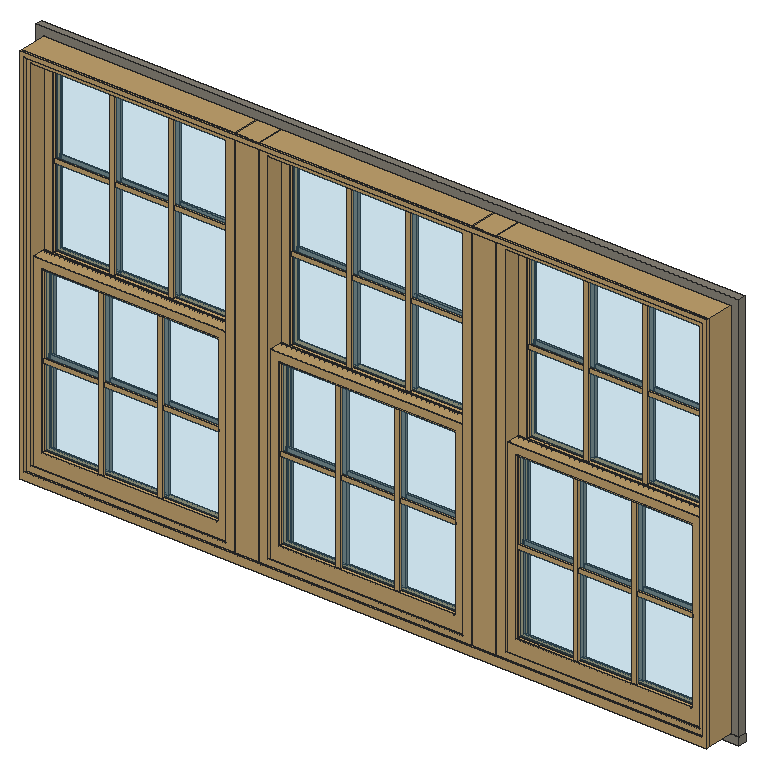
Revit family
Parameters (values of type "CUDH-NG3028")
  Window Type = "Clad Ultimate Double Hung-NG"
  Void Offset_S = if(Subsill A217 Visibility, 0' 1 11/32", if(Subsill A246 Visibility, 0' 0 9/16", 0' 0"))  # 0' - 1 11/32"
  Void Offset = if(Flat Casing Visibility, 0' 3", if(BMC Visibility, 0' 1 5/16", 0' 0"))  # 0' - 1 5/16"
  Interior Material = Wood-Marvin-Pine
  Frame = "Aluminum Clad"
  Egress Window = "Yes"
  Disclaimer line1 [instance] = "Verify assembly availability"  # constant formula
  Disclaimer line2 [instance] = "with a Marvin representative"  # constant formula
  Clear Opening Width = DLO Width + 0' 2 29/32"  # 2' - 7 21/32"
  Clear Opening Height = if(and(Nominal Unit Width > 4' 6", Nominal Height > 6' 0"), DLO Height - 0' 1 11/16", if(and(Nominal Unit Width > 4' 6", Nominal Height > 3' 4"), DLO Height - 0' 0 3/8", if(Nominal Unit Width > 4' 6", DLO Height - 0' 0 1/8", if(and(Nominal Unit Width > 4' 2", Nominal Height > 6' 8"), DLO Height - 0' 1 11/16", if(and(Nominal Unit Width > 4' 2", Nominal Height > 3' 8"), DLO Height - 0' 0 3/8", if(Nominal Unit Width > 4' 2", DLO Height - 0' 0 1/8", if(and(Nominal Unit Width > 3' 10", Nominal Height > 7' 4"), DLO Height - 0' 1 11/16", if(and(Nominal Unit Width > 3' 10", Nominal Height > 4' 0"), DLO Height - 0' 0 3/8", if(Nominal Unit Width > 3' 10", DLO Height - 0' 0 1/8", if(and(Nominal Unit Width > 3' 6", Nominal Height > 7' 8"), DLO Height - 0' 1 11/16", if(and(Nominal Unit Width > 3' 6", Nominal Height > 4' 8"), DLO Height - 0' 0 3/8", if(Nominal Unit Width > 3' 6", DLO Height - 0' 0 1/8", if(and(Nominal Unit Width > 3' 2", Nominal Height > 7' 8"), DLO Height - 0' 1 11/16", if(and(Nominal Unit Width > 3' 2", Nominal Height > 5' 0"), DLO Height - 0' 0 3/8", if(Nominal Unit Width > 3' 2", DLO Height - 0' 0 1/8", if(and(Nominal Unit Width > 3' 0", Nominal Height > 9' 0"), DLO Height - 0' 1 11/16", if(and(Nominal Unit Width > 3' 0", Nominal Height > 5' 8"), DLO Height - 0' 0 3/8", if(Nominal Unit Width > 3' 0", DLO Height - 0' 0 1/8", if(and(Nominal Unit Width > 2' 10", Nominal Height > 6' 0"), DLO Height - 0' 0 3/8", if(Nominal Unit Width > 2' 10", DLO Height - 0' 0 1/8", if(and(Nominal Unit Width > 2' 8", Nominal Height > 6' 4"), DLO Height - 0' 0 3/8", if(Nominal Unit Width > 2' 8", DLO Height - 0' 0 1/8", if(and(Nominal Unit Width > 2' 6", Nominal Height > 6' 8"), DLO Height - 0' 0 3/8", if(Nominal Unit Width > 2' 6", DLO Height - 0' 0 1/8", if(and(Nominal Unit Width > 2' 2", Nominal Height > 7' 4"), DLO Height - 0' 0 3/8", if(Nominal Unit Width > 2' 2", DLO Height - 0' 0 1/8", if(and(Nominal Unit Width > 1' 10", Nominal Height > 7' 8"), DLO Height - 0' 0 3/8", DLO Height - 0' 0 1/8")))))))))))))))))))))))))))  # 2' - 2 5/8"
  Unit Width = Nominal Unit Width - 0' 0 3/4"  # 2' - 11 1/4"
  URL = "www.marvin.com"
  Subsill Height = if(Subsill A217 Visibility, 0' 1 11/32", 0' 0 9/16")  # 0' - 1 11/32"
  Subsill A246 Visibility = and(Subsill Visibility, Subsill A246)  # no
  Subsill A217 Visibility = and(Subsill Visibility, Subsill A217)  # yes
  Space = if(Mull Space > 0' 0 1/32", Mull Space, 0' 0 1/32")  # 0' - 4"
  Prairie Corner Width = 0' - 4"
  Prairie Corner Height = 0' - 4"
  Nominal Unit Width = 3' - 0"
  Nominal Height = 5' - 4"
  Muntins Interior Finish = Wood-Marvin-Pine
  Muntins Exterior Finish = Aluminum-Marvin-Bronze
  Mulled Units Array = if(Mulled Units < 2, 2, Mulled Units)  # 3
  Mulled Units = 3
  Mull Space Units = if(Mulled Units < 3, 2, (Mulled Units - 1))  # 2
  Mull Space Single Visibility = and(Mulled Units Array = 2, Mull Space > 0' 0 1/32")  # no
  Mull Space Array Visibility = and(Mulled Units Array > 2, Mull Space > 0' 0 1/32")  # yes
  Mull Space = 0' - 4"
  Model = "CUDH-NG3028"
  Manufacturer = "Marvin Windows and Doors"
  Lites Wide Top Sash = 3
  Lites Wide Bottom Sash = 3
  Lites High Top Sash = 2
  Lites High Bottom Sash = 2
  Lite Cut Prairie 9 = no
  Lite Cut HV Grid = not(Lite Cut Prairie 9)  # yes
  Label Visibility = no
  Label Egress = if(and(and(Clear Opening Width > 1' 8", Clear Opening Height > 2' 0"), Egress Area > 5.70 SF), "EGRESS WDW", "")  # "EGRESS WDW"
  Glazing Material = Glass-Marvin-IG Low E II with Argon
  Glass Type = "IG Low E II with Argon"
  Flat Casing Visibility = and(Casing Visibility, Flat Casing)  # no
  Family created by = "www.rbuiltcomponents.com"
  Rough Width = Width + 0' 1"  # 9' - 6 3/4"
  Rough Height = Height + 0' 0 1/2"  # 5' - 4"
  Muntins Interior Top Sash = yes
  Muntins Interior Bottom Sash = yes
  Muntins Exterior Top Sash = yes
  Muntins Exterior Bottom Sash = yes
  Jamb Extension Visibility = yes
  Inset to Installation Flange [instance] = 0' - 1"
  Height = Nominal Height - 0' 0 1/2"  # 5' - 3 1/2"
  Egress Area = Clear Opening Width * Clear Opening Height  # 5.85311 SF
  Design Pressure = "DP50"
  Description = "3028 DBHG"
  Default Head Height = 8' - 0"
  Wall Closure = (empty or 0)
  Width = (Mulled Units Array * Unit Width) + ((Mulled Units Array - 1) * Mull Space)  # 9' - 5 3/4"
  Daylight Area = DLO Width * DLO Height * Mulled Units * 2  # 32.0443 SF
  DLO Width = Unit Width - 0' 6 1/2"  # 2' - 4 3/4"
  DLO Height = (Height - 0' 10") / 2  # 2' - 2 3/4"
  Cladding Material = Aluminum-Marvin-Bronze
  Center Mull Last = if(Mulled Units Array < 3, Unit Width + Mull Space, (Unit Width + Mull Space) * (Mulled Units Array - 2))  # 3' - 3 1/4"
  Center Mull First = Center + (Mull Space / 2)  # 1' - 7 5/8"
  Center = Unit Width / 2  # 1' - 5 5/8"
  BMC Visibility = and(Casing Visibility, BMC)  # yes
  Assembly Code = ""
  Casing Visibility = yes
  BMC = yes
  Flat Casing = not(BMC)  # no
  Subsill Visibility = yes
  Subsill A246 = no
  Subsill A217 = not(Subsill A246)  # yes
Reference planes (in)
  plane 1 "Center (Front/Back)": y = 0
  plane 2: z = 0
  plane 3 "Center (Left/Right)": x = -2.0625
  plane 4 "Sill": z = 32.5
  plane 5 "Top": z = 96
  plane 6: z = 65.0625
  plane 7: x = -41.3125
  plane 8: x = 37.1875
  plane 9 "Left": x = -58.9375
  plane 10 "Right": x = 54.8125
  plane 11 "Inset": y = 2
  plane 12 "Jamb Ext face": y = -2.5625
  plane 13: x = -21.6875
  plane 14: x = 17.5625
  plane 15 "Glazing": y = 1.4375
  plane 16: z = 92.78125
  plane 17: z = 37.34375
  plane 18: z = 66
  plane 19: z = 64.125
  plane 20: z = 79.39063
  plane 21: z = 50.73438
  plane 22 "Glazing 2": y = -0.8125
  plane 23: y = -2.59375
  plane 24: x = 56.125
  plane 25: x = -60.25
  plane 26: z = 97.3125
  plane 27: z = 31.15625
  plane 28: y = 0.46875
  plane 29: y = -1.78125
Forms (in)
  Extrusion 1, solid, material "Wood-Marvin-Pine" <- "Interior Material", visible <- "Jamb Extension Visibility", detail levels medium+fine
    sketch origin (0, -2.5625, 0) x (1, 0, 0) y (0, 0, 1)
      loop
        line (-58.9375, 96) -> (-58.9375, 32.5) -> (54.8125, 32.5) -> (54.8125, 96) -> (-58.9375, 96)
      loop
        line (-58.25, 95.3125) -> (-58.25, 33.8125) -> (54.125, 33.8125) -> (54.125, 95.3125) -> (-58.25, 95.3125)
    from 0.03125 to 0.4375
  Extrusion 2, void
    sketch origin (0, 0, 0) x (1, 0, 0) y (0, 1, 0)
      loop
        line (-58.9375, 2) -> (-58.9375, -3) -> (54.8125, -3) -> (54.8125, 2) -> (-58.9375, 2)
    from 32.5 to 96
  Extrusion 3, void
    sketch origin (0, 0, 0) x (1, 0, 0) y (0, 1, 0)
      loop
        line (-60.25, 3.125) -> (-60.25, 2) -> (56.125, 2) -> (56.125, 3.125) -> (-60.25, 3.125)
    from 31.15625 to 97.3125
Lines and regions (in)
  Masking region 1, visible <- "Jamb Extension Visibility"
    outline origin (0, 0, 32.5) x (0, -1, 0) y (1, 0, 0)
      loop
        line (2.59375, -58.9375) -> (3, -58.9375) -> (3, 54.8125) -> (2.59375, 54.8125) -> (2.59375, -58.9375)
  Masking region 2
    outline origin (-2.0625, 0, 0) x (0, 1, 0) y (0, 0, 1)
      loop
        line (3.09375, 96) -> (-2.5625, 96) -> (-2.5625, 32.5) -> (3.09375, 32.5) -> (3.09375, 96)
  Masking region 3, visible <- "Jamb Extension Visibility"
    outline origin (-2.0625, 0, 0) x (0, 1, 0) y (0, 0, 1)
      loop
        line (-2.59375, 96) -> (-3, 96) -> (-3, 32.5) -> (-2.59375, 32.5) -> (-2.59375, 96)
  symbolic lines, style "WindowsFrameMullionProjection", detail levels coarse+medium
    curve 1: line (0, 3.09375, 96) -> (0, 3.09375, 95.31314)
    curve 2: line (0, 3.09375, 95.31314) -> (0, -2.5625, 95.31314)
    curve 3: line (0, -2.5625, 95.31314) -> (0, -2.5625, 96)
    curve 4: line (0, 3.09375, 32.5) -> (0, 3.09375, 33.0889)
    curve 5: line (0, 3.09375, 33.0889) -> (0, -1.3125, 34.1875)
    curve 6: line (0, -2.5625, 34.1875) -> (0, -2.5625, 32.5)
    curve 7: line (0, -1.3125, 34.1875) -> (0, -2.5625, 34.1875)
    curve 8: line (0, -0.46875, 37.34375) -> (0, -0.46875, 64.125)
    curve 9: line (0, -2.21875, 37.34375) -> (0, -2.21875, 64.125)
    curve 10: line (0, -0.46875, 33.97713) -> (0, -0.46875, 37.34375)
    curve 11: line (0, -0.46875, 37.34375) -> (0, -2.21875, 37.34375)
    curve 12: line (0, -2.21875, 37.34375) -> (0, -2.21875, 34.1875)
    curve 13: line (0, -0.46875, 64.125) -> (0, -0.46875, 64.28125)
    curve 14: line (0, -0.1875, 65.8125) -> (0, -2.21875, 65.8125)
    curve 15: line (0, -2.21875, 65.8125) -> (0, -2.21875, 64.125)
    curve 16: line (0, -0.46875, 64.125) -> (0, -2.21875, 64.125)
    curve 18: line (0, 1.78125, 66) -> (0, 1.78125, 92.78125)
    curve 19: line (0, 0.03125, 92.78125) -> (0, 0.03125, 66)
    curve 20: line (0, 1.78125, 95.31314) -> (0, 1.78125, 92.78125)
    curve 21: line (0, 0.03125, 92.78125) -> (0, 0.03125, 95.31314)
    curve 22: line (0, 0.03125, 92.78125) -> (0, 1.78125, 92.78125)
    curve 23: line (0, 1.78125, 66) -> (0, 0.03125, 66)
    curve 24: line (0, 0.03125, 66) -> (0, 0.03125, 65.81224)
    curve 25: line (0, -0.09375, 64.28125) -> (0, 1.78125, 64.28125)
    curve 26: line (0, 1.78125, 64.28125) -> (0, 1.78125, 66)
    curve 28: line (0, -0.09375, 64.28125) -> (0, -0.09375, 65.81224)
    curve 29: line (0, -0.09375, 65.81224) -> (0, 0.03125, 65.81224)
    curve 30: line (0, -0.1875, 64.28125) -> (0, -0.1875, 65.8125)
    curve 31: line (0, -0.1875, 64.28125) -> (0, -0.46875, 64.28125)
    curve 48: line (-2.0625, -3, 32.5) -> (-2.0625, 3.09375, 32.5)
    curve 49: line (-2.0625, -3, 96) -> (-2.0625, 3.09375, 96)
  symbolic lines, style "WindowsGlassProjection", detail levels coarse+medium
    curve 17: line (0, -1.34375, 64.125) -> (0, -1.34375, 37.34375)
    curve 27: line (0, 0.90625, 66) -> (0, 0.90625, 92.78125)
  symbolic lines, style "WindowsFrameMullionProjection", visible <- "Jamb Extension Visibility", detail levels coarse+medium
    curve 32: line (-2.0625, -2.59375, 33.8125) -> (-2.0625, -3, 33.8125)
    curve 33: line (-2.0625, -3, 33.8125) -> (-2.0625, -3, 32.5)
    curve 36: line (-2.0625, -2.59375, 95.3125) -> (-2.0625, -3, 95.3125)
    curve 37: line (-2.0625, -3, 95.3125) -> (-2.0625, -3, 96)
    curve 40: line (-58.95312, -3, 0) -> (-58.25, -3, 0)
    curve 41: line (-58.25, -3, 0) -> (-58.25, -2.59375, 0)
    curve 44: line (54.8125, -3, 0) -> (54.125, -3, 0)
    curve 45: line (54.125, -3, 0) -> (54.125, -2.59375, 0)
  symbolic lines, style "Jamb Extension", visible <- "Jamb Extension Visibility", detail levels fine
    curve 34: line (-2.0625, -2.59375, 33.8125) -> (-2.0625, -3, 33.8125)
    curve 35: line (-2.0625, -3, 33.8125) -> (-2.0625, -3, 32.5)
    curve 38: line (-2.0625, -2.59375, 95.3125) -> (-2.0625, -3, 95.3125)
    curve 39: line (-2.0625, -3, 95.3125) -> (-2.0625, -3, 96)
    curve 42: line (-58.95312, -3, 0) -> (-58.25, -3, 0)
    curve 43: line (-58.25, -3, 0) -> (-58.25, -2.59375, 0)
    curve 46: line (54.8125, -3, 0) -> (54.125, -3, 0)
    curve 47: line (54.125, -3, 0) -> (54.125, -2.59375, 0)
Text (in)
  text "EXTERIOR" at (-58.6888, 50.90694, 0), in view "Ref. Level"
  text "INTERIOR" at (-58.6888, -37.76638, 0), in view "Ref. Level"
  text "Exterior" at (0, 43.65631, 123.19604), in view "Left"
  text "Exterior" at (0, 18.29385, 125.04747), in view "Right"
Dimensions and locks (in)
  "Height": plane 4 "Sill" to plane 5 "Top"
  "Default Head Height": plane 2 to plane 5 "Top"
  "Width": plane 9 "Left" to plane 10 "Right"
  "Inset to Installation Flange": plane 11 "Inset" to host wall
  locked: plane 12 "Jamb Ext face" to plane 11 "Inset" at 4.5625
  nested 1 to host wall = 1' - 0"
  "Center": plane 9 "Left" to plane 7
  "Center": plane 8 to plane 10 "Right"
  "Center Mull First": plane 7 to plane 13
  "Center Mull Last": plane 13 to plane 14
  locked: plane 15 "Glazing" to plane 11 "Inset" at 0.5625
  nested 3 to plane 15 "Glazing" = 0' - 0 31/32"  (x3)
  equal spacing: plane 9 "Left", plane 3 "Center (Left/Right)", plane 10 "Right"
  group 1 to group 2 = 3' - 3 1/4"
  group 1 to group 2 = 0' - 0"  (x2)
  locked: plane 16 to plane 5 "Top" at 3.21875
  locked: plane 4 "Sill" to plane 17 at 4.84375
  equal spacing: plane 17, plane 6, plane 16
  plane 19 to plane 6 to plane 18 = 0' - 0 15/16" locked, 0' - 0 15/16" locked
  equal spacing: plane 18, plane 20, plane 16
  equal spacing: plane 17, plane 21, plane 19
  locked: plane 22 "Glazing 2" to plane 11 "Inset" at 2.8125
  nested 3 to plane 11 "Inset" = 0' - 1 17/32"
  equal spacing: group 3, group 5, group 4  (x3)
  equal spacing: group 6, group 8, group 7  (x3)
  locked: plane 5 "Top" to Extrusion 1 sketch curve at 0.6875
  locked: Extrusion 1 sketch curve to plane 10 "Right" at 0.6875
  locked: Extrusion 1 sketch curve to plane 9 "Left" at 0.6875
  locked: Extrusion 1 sketch curve to plane 4 "Sill" at 1.3125
  locked: plane 23 to plane 12 "Jamb Ext face" at 0.03125
  "Void Offset": plane 25 to plane 9 "Left"
  "Void Offset": plane 10 "Right" to plane 24
  "Void Offset": plane 5 "Top" to plane 26
  "Void Offset_S": plane 27 to plane 4 "Sill"
  locked: Extrusion 3 sketch curve to host wall at 0.125
  locked: plane 28 to plane 15 "Glazing" at 0.96875
  locked: plane 29 to plane 22 "Glazing 2" at 0.96875
  equal spacing: group 9, group 11, group 10  (x3)
  equal spacing: group 12, group 14, group 13  (x3)
  locked: curve 49 to plane 11 "Inset" at 1.09375
  locked: curve 48 to plane 11 "Inset" at 1.09375
  aligned and locked: plane 3 "Center (Left/Right)" to nested 1
  aligned and locked: plane 11 "Inset" to nested 2
  aligned and locked: plane 7 to nested 2
  aligned and locked: nested 4 to plane 7
  aligned and locked: plane 7 to nested 3
  aligned and locked: plane 4 "Sill" to nested 5
  aligned and locked: plane 11 "Inset" to nested 5
  aligned and locked: plane 13 to nested 5
  aligned and locked: plane 11 "Inset" to nested 6
  aligned and locked: plane 13 to nested 6
  aligned and locked: plane 4 "Sill" to nested 6
  aligned and locked: plane 14 to nested 7
  aligned and locked: plane 11 "Inset" to nested 7
  aligned and locked: plane 4 "Sill" to nested 7
  aligned and locked: plane 9 "Left" to Masking region 1 sketch curve
  aligned and locked: plane 10 "Right" to Masking region 1 sketch curve
  aligned and locked: Masking region 1 sketch curve to host wall
  aligned and locked: plane 7 to nested 9
  aligned and locked: plane 11 "Inset" to nested 9
  aligned and locked: nested 9 to plane 4 "Sill"
  aligned and locked: nested 4 to plane 20
  aligned and locked: nested 10 to plane 21
  aligned and locked: nested 10 to plane 7
  aligned and locked: plane 20 to nested 3
  aligned and locked: plane 21 to nested 11
  aligned and locked: plane 7 to nested 11
  aligned and locked: nested 8 to plane 5 "Top"
  aligned and locked: curve 6 to plane 12 "Jamb Ext face"
  aligned and locked: plane 17 to curve 11
  aligned and locked: curve 23 to plane 18
  aligned and locked: curve 16 to plane 19
  aligned and locked: plane 12 "Jamb Ext face" to curve 3
  aligned and locked: curve 22 to plane 16
  aligned and locked: nested 12 to plane 8
  aligned and locked: plane 11 "Inset" to nested 12
  aligned and locked: nested 14 to plane 8
  aligned and locked: plane 11 "Inset" to nested 14
  aligned and locked: nested 14 to plane 4 "Sill"
  aligned and locked: plane 5 "Top" to Masking region 2 sketch curve
  aligned and locked: Masking region 2 sketch curve to plane 4 "Sill"
  aligned and locked: Masking region 2 sketch curve to plane 12 "Jamb Ext face"
  aligned and locked: plane 5 "Top" to Extrusion 1 sketch curve
  aligned and locked: plane 9 "Left" to Extrusion 1 sketch curve
  aligned and locked: Extrusion 1 sketch curve to plane 4 "Sill"
  aligned and locked: plane 10 "Right" to Extrusion 1 sketch curve
  aligned and locked: host wall to Extrusion 1
  aligned and locked: plane 5 "Top" to Masking region 3 sketch curve
  aligned and locked: Masking region 3 sketch curve to plane 4 "Sill"
  aligned and locked: plane 23 to Masking region 3 sketch curve
  aligned and locked: Masking region 3 sketch curve to host wall
  aligned and locked: curve 32 to Extrusion 1
  aligned and locked: Extrusion 1 to curve 32
  aligned and locked: curve 34 to Extrusion 1
  aligned and locked: host wall to curve 35
  aligned and locked: Extrusion 1 to curve 38
  aligned and locked: curve 38 to Extrusion 1
  aligned and locked: Extrusion 1 to curve 41
  aligned and locked: Extrusion 1 to curve 43
  aligned and locked: curve 41 to Extrusion 1
  aligned and locked: Extrusion 1 to curve 45
  aligned and locked: Extrusion 1 to curve 47
  aligned and locked: curve 45 to Extrusion 1
  aligned and locked: Extrusion 1 to plane 23
  aligned and locked: plane 23 to Masking region 1 sketch curve
  aligned and locked: plane 3 "Center (Left/Right)" to nested 16
  aligned and locked: plane 11 "Inset" to nested 16
  aligned and locked: nested 16 to plane 4 "Sill"
  aligned and locked: plane 9 "Left" to Extrusion 2 sketch curve
  aligned and locked: plane 10 "Right" to Extrusion 2 sketch curve
  aligned and locked: plane 11 "Inset" to Extrusion 2 sketch curve
  aligned and locked: Extrusion 2 sketch curve to host wall
  aligned and locked: Extrusion 2 to plane 5 "Top"
  aligned and locked: plane 4 "Sill" to Extrusion 2
  aligned and locked: plane 25 to Extrusion 3 sketch curve
  aligned and locked: Extrusion 3 sketch curve to plane 24
  aligned and locked: Extrusion 3 sketch curve to plane 11 "Inset"
  aligned and locked: Extrusion 3 to plane 26
  aligned and locked: plane 27 to Extrusion 3
  aligned and locked: Masking region 2 sketch curve to nested 8
  aligned and locked: curve 21 to nested 8
  aligned and locked: curve 20 to nested 8
  aligned and locked: curve 1 to nested 8
  aligned and locked: curve 26 to nested 8
  aligned and locked: nested 8 to curve 25
  aligned and locked: curve 15 to nested 8
  aligned and locked: curve 14 to nested 8
  aligned and locked: curve 13 to nested 8
  aligned and locked: curve 29 to nested 8
  aligned and locked: curve 28 to nested 8
  aligned and locked: curve 30 to nested 8
  aligned and locked: curve 31 to nested 8
  aligned and locked: curve 10 to nested 8
  aligned and locked: curve 12 to nested 8
  aligned and locked: curve 7 to nested 8
  aligned and locked: curve 5 to nested 8
  aligned and locked: curve 4 to nested 8
  aligned and locked: plane 22 "Glazing 2" to nested 10
  aligned and locked: plane 29 to nested 11
  aligned and locked: plane 22 "Glazing 2" to nested 17
  aligned and locked: plane 29 to nested 18
  aligned and locked: plane 8 to nested 17
  aligned and locked: nested 17 to plane 21
  aligned and locked: nested 18 to plane 8
  aligned and locked: plane 21 to nested 18
  aligned and locked: plane 15 "Glazing" to nested 4
  aligned and locked: plane 28 to nested 3
  aligned and locked: plane 15 "Glazing" to nested 22
  aligned and locked: plane 28 to nested 21
  aligned and locked: plane 8 to nested 22
  aligned and locked: nested 22 to plane 20
  aligned and locked: plane 20 to nested 21
  aligned and locked: nested 21 to plane 8
  aligned and locked: curve 48 to nested 5
  aligned and locked: nested 8 to plane 11 "Inset"
  aligned and locked: plane 5 "Top" to curve 49
  aligned and locked: curve 2 to nested 8
Automatic sketch dimensions
  curve 42 to plane 9 "Left" = 0' - 0 1/64"
  curve 43 to host wall = 0' - 0"
  curve 44 to host wall = 0' - 0"
  curve 44 to plane 10 "Right" = 0' - 0"
  curve 4 to plane 4 "Sill" = 0' - 0"
  curve 6 to plane 4 "Sill" = 0' - 0"
  curve 1 to plane 5 "Top" = 0' - 0"
  curve 3 to plane 5 "Top" = 0' - 0"
  plane 22 "Glazing 2" to curve 17 = 0' - 0 17/32"
  plane 15 "Glazing" to curve 27 = 0' - 0 17/32"
  curve 37 to host wall = 0' - 0"
  curve 34 to plane 23 = 0' - 0"
Nested families (in)
  nested 1: "Label Annotation 1-16 w3" at (-2.0625, 15, 0), visible <- "Label Visibility", type "Label Annotation 1-16 w3"
  nested 2: "Plan_Detail" at (-41.3125, 2, 0), type "Plan_Detail", detail levels fine
    with Width 2' - 11 1/4"
  nested 3: "Muntins" at (-41.3125, 0.46875, 30.01562), visible <- "Muntins Interior Top Sash", Muntin Material <- "Muntins Interior Finish", type "Muntins"
    with MuntinDepth 0' - 0 5/16", Muntin Material Wood-Marvin-Pine, GlazingWidth 2' - 4 3/4", GlazingHeight 2' - 2 3/4", Width 2' - 5 3/16", LitesVertical 2, HorizMuntVisible no, Height 2' - 3 3/16", Inset Vert 0' - 9.35417", Inset Horiz 0' - 8 11/16", CenterMuntinHorizontal yes
  nested 4: "Muntins" at (-41.3125, 1.4375, 30.01562), Muntin Material <- "Muntins Exterior Finish", visible <- "Muntins Exterior Top Sash", type "Muntins"
    with MuntinDepth 0' - 0 5/16", Muntin Material Aluminum-Marvin-Bronze, GlazingWidth 2' - 4 3/4", GlazingHeight 2' - 2 3/4", Width 2' - 5 3/16", LitesVertical 2, HorizMuntVisible no, Height 2' - 3 3/16", Inset Vert 0' - 9.35417", Inset Horiz 0' - 8 11/16", CenterMuntinHorizontal yes
  nested 5: "Mull Space" at (-21.6875, 2, 0), visible <- "Mull Space Single Visibility", type "Mull Space"
    with Height 5' - 3 1/2"
  nested 6: "Mull Space" at (-21.6875, 2, 0), visible <- "Mull Space Array Visibility", type "Mull Space"
    with Height 5' - 3 1/2"
  nested 7: "Mull Space" at (17.5625, 2, 0), visible <- "Mull Space Array Visibility", type "Mull Space"
    with Height 5' - 3 1/2"
  nested 8: "Double_Hung_Section_Detail" at (-2.0625, 2, 64.25) x (0, 1, 0) z (1, 0, 0), type "Double_Hung_Section_Detail", detail levels fine
  nested 9: "Window-Double_Hung-Marvin-Clad_Ultimate" at (-41.3125, 2, 0), type "Window-Casement-Marvin-Clad_Ultimate"
  nested 10: "Muntins" at (-41.3125, -0.8125, 1.35937), Muntin Material <- "Muntins Exterior Finish", visible <- "Muntins Exterior Bottom Sash", type "Muntins 2"
    with MuntinDepth 0' - 0 5/16", Muntin Material Aluminum-Marvin-Bronze, GlazingWidth 2' - 4 3/4", GlazingHeight 2' - 2 3/4", Width 2' - 5 3/16", LitesVertical 2, HorizMuntVisible no, Height 2' - 3 3/16", Inset Vert 0' - 9.35417", Inset Horiz 0' - 8 11/16", CenterMuntinHorizontal yes
  nested 11: "Muntins" at (-41.3125, -1.78125, 1.35937), visible <- "Muntins Interior Bottom Sash", Muntin Material <- "Muntins Interior Finish", type "Muntins 2"
    with MuntinDepth 0' - 0 5/16", Muntin Material Wood-Marvin-Pine, GlazingWidth 2' - 4 3/4", GlazingHeight 2' - 2 3/4", Width 2' - 5 3/16", LitesVertical 2, HorizMuntVisible no, Height 2' - 3 3/16", Inset Vert 0' - 9.35417", Inset Horiz 0' - 8 11/16", CenterMuntinHorizontal yes
  nested 12: "Plan_Detail" at (37.1875, 2, 0), type "Plan_Detail", detail levels fine
    with Width 2' - 11 1/4"
  nested 13: "Plan_Detail" at (-2.0625, 2, 0), type "Plan_Detail", detail levels fine
    with Width 2' - 11 1/4"
  nested 14: "Window-Double_Hung-Marvin-Clad_Ultimate" at (37.1875, 2, 0), type "Window-Casement-Marvin-Clad_Ultimate"
  nested 15: "Window-Double_Hung-Marvin-Clad_Ultimate" at (-2.0625, 2, 0), type "Window-Casement-Marvin-Clad_Ultimate"
  nested 16: "Casing_Clad" at (-2.0625, 2, 32.5), type "Casing_Clad"
    with Width 9' - 5 3/4", Height 5' - 3 1/2"
  nested 17: "Muntins" at (37.1875, -0.8125, 1.35937), Muntin Material <- "Muntins Exterior Finish", visible <- "Muntins Exterior Bottom Sash", type "Muntins 2"
    with MuntinDepth 0' - 0 5/16", Muntin Material Aluminum-Marvin-Bronze, GlazingWidth 2' - 4 3/4", GlazingHeight 2' - 2 3/4", Width 2' - 5 3/16", LitesVertical 2, HorizMuntVisible no, Height 2' - 3 3/16", Inset Vert 0' - 9.35417", Inset Horiz 0' - 8 11/16", CenterMuntinHorizontal yes
  nested 18: "Muntins" at (37.1875, -1.78125, 1.35937), visible <- "Muntins Interior Bottom Sash", Muntin Material <- "Muntins Interior Finish", type "Muntins 2"
    with MuntinDepth 0' - 0 5/16", Muntin Material Wood-Marvin-Pine, GlazingWidth 2' - 4 3/4", GlazingHeight 2' - 2 3/4", Width 2' - 5 3/16", LitesVertical 2, HorizMuntVisible no, Height 2' - 3 3/16", Inset Vert 0' - 9.35417", Inset Horiz 0' - 8 11/16", CenterMuntinHorizontal yes
  nested 19: "Muntins" at (-2.0625, -0.8125, 1.35937), Muntin Material <- "Muntins Exterior Finish", visible <- "Muntins Exterior Bottom Sash", type "Muntins 2"
    with MuntinDepth 0' - 0 5/16", Muntin Material Aluminum-Marvin-Bronze, GlazingWidth 2' - 4 3/4", GlazingHeight 2' - 2 3/4", Width 2' - 5 3/16", LitesVertical 2, HorizMuntVisible no, Height 2' - 3 3/16", Inset Vert 0' - 9.35417", Inset Horiz 0' - 8 11/16", CenterMuntinHorizontal yes
  nested 20: "Muntins" at (-2.0625, -1.78125, 1.35937), visible <- "Muntins Interior Bottom Sash", Muntin Material <- "Muntins Interior Finish", type "Muntins 2"
    with MuntinDepth 0' - 0 5/16", Muntin Material Wood-Marvin-Pine, GlazingWidth 2' - 4 3/4", GlazingHeight 2' - 2 3/4", Width 2' - 5 3/16", LitesVertical 2, HorizMuntVisible no, Height 2' - 3 3/16", Inset Vert 0' - 9.35417", Inset Horiz 0' - 8 11/16", CenterMuntinHorizontal yes
  nested 21: "Muntins" at (37.1875, 0.46875, 30.01562), visible <- "Muntins Interior Top Sash", Muntin Material <- "Muntins Interior Finish", type "Muntins"
    with MuntinDepth 0' - 0 5/16", Muntin Material Wood-Marvin-Pine, GlazingWidth 2' - 4 3/4", GlazingHeight 2' - 2 3/4", Width 2' - 5 3/16", LitesVertical 2, HorizMuntVisible no, Height 2' - 3 3/16", Inset Vert 0' - 9.35417", Inset Horiz 0' - 8 11/16", CenterMuntinHorizontal yes
  nested 22: "Muntins" at (37.1875, 1.4375, 30.01562), Muntin Material <- "Muntins Exterior Finish", visible <- "Muntins Exterior Top Sash", type "Muntins"
    with MuntinDepth 0' - 0 5/16", Muntin Material Aluminum-Marvin-Bronze, GlazingWidth 2' - 4 3/4", GlazingHeight 2' - 2 3/4", Width 2' - 5 3/16", LitesVertical 2, HorizMuntVisible no, Height 2' - 3 3/16", Inset Vert 0' - 9.35417", Inset Horiz 0' - 8 11/16", CenterMuntinHorizontal yes
  nested 23: "Muntins" at (-2.0625, 0.46875, 30.01562), visible <- "Muntins Interior Top Sash", Muntin Material <- "Muntins Interior Finish", type "Muntins"
    with MuntinDepth 0' - 0 5/16", Muntin Material Wood-Marvin-Pine, GlazingWidth 2' - 4 3/4", GlazingHeight 2' - 2 3/4", Width 2' - 5 3/16", LitesVertical 2, HorizMuntVisible no, Height 2' - 3 3/16", Inset Vert 0' - 9.35417", Inset Horiz 0' - 8 11/16", CenterMuntinHorizontal yes
  nested 24: "Muntins" at (-2.0625, 1.4375, 30.01562), Muntin Material <- "Muntins Exterior Finish", visible <- "Muntins Exterior Top Sash", type "Muntins"
    with MuntinDepth 0' - 0 5/16", Muntin Material Aluminum-Marvin-Bronze, GlazingWidth 2' - 4 3/4", GlazingHeight 2' - 2 3/4", Width 2' - 5 3/16", LitesVertical 2, HorizMuntVisible no, Height 2' - 3 3/16", Inset Vert 0' - 9.35417", Inset Horiz 0' - 8 11/16", CenterMuntinHorizontal yes
Definition of nested family "Muntins"
  Parameters (values of type "Muntins")
    PrairieMuntVisible = no
    Prairie Corner Width = 0' - 4"
    Prairie Corner Height = 0' - 4"
    Muntin Extension = 0' - 0 7/16"
    GridMuntVisible = yes
    GlazingWidth = 2' - 0"
    GlazingHeight = 2' - 11 1/8"
    Width = GlazingWidth + Muntin Extension  # 2' - 0 7/16"
    VerticalMuntins = if(LitesHorizontal < 3, 2, LitesHorizontal - 1)  # 2
    VertMuntVisible = and(GridMuntVisible, LitesHorizontal > 2)  # yes
    MuntinWidth = 0' - 0 3/4"
    MuntinDepth [instance] = 0' - 0 3/8"
    Muntin Material [instance] = none
    LitesVertical = 3
    LitesHorizontal = 3
    HorizontalMuntins = if(LitesVertical < 3, 2, LitesVertical - 1)  # 2
    HorizMuntVisible = and(GridMuntVisible, LitesVertical > 2)  # yes
    Height = GlazingHeight + Muntin Extension  # 2' - 11 9/16"
    Inset Vert = if(LitesHorizontal < 3, (Width / 3) - (MuntinWidth / 2), (Width / LitesHorizontal) - (MuntinWidth / 2))  # 0' - 7.77083"
    Inset Horiz = if(LitesVertical < 3, (Height / 3) - (MuntinWidth / 2), (Height / LitesVertical) - (MuntinWidth / 2))  # 0' - 11.47917"
    CenterMuntinVertical = and(GridMuntVisible, LitesHorizontal = 2)  # no
    CenterMuntinHorizontal = and(GridMuntVisible, LitesVertical = 2)  # no
    Assembly Code = ""
  Reference planes (in)
    plane 1 "Center (Front/Back)": y = 0
    plane 2: z = 0
    plane 3 "Center (Left/Right)": x = 0
    plane 4: z = 35.78125
    plane 5: z = 53.5625
    plane 6: z = 71.34375
    plane 7: z = 59.86458
    plane 8: z = 47.26042
    plane 9: z = 71.125
    plane 10: z = 36
    plane 11: x = -12
    plane 12: x = 12
    plane 13: x = -4.44792
    plane 14: x = -12.21875
    plane 15: x = 12.21875
    plane 16: x = 4.44792
    plane 17: z = 67.125
    plane 18: z = 40
    plane 19: x = -8
    plane 20: x = 8
  Forms (in)
    Extrusion 1, solid, material <- "Muntin Material", visible <- "CenterMuntinVertical", detail levels medium+fine
      sketch origin (9, 0, 0) x (1, 0, 0) y (0, 0, 1)
        loop
          line (-9.375, 71.34375) -> (-9.375, 35.78125) -> (-8.625, 35.78125) -> (-8.625, 71.34375) -> (-9.375, 71.34375)
      from 0 to 0.375 <- "MuntinDepth"
    Extrusion 2, solid, material <- "Muntin Material", visible <- "CenterMuntinHorizontal", detail levels medium+fine
      sketch origin (-0.0013, 0, 14.6875) x (1, 0, 0) y (0, 0, 1)
        loop
          line (-12.21745, 39.25) -> (-12.21745, 38.5) -> (12.22005, 38.5) -> (12.22005, 39.25) -> (-12.21745, 39.25)
      from 0 to 0.375 <- "MuntinDepth"
    Extrusion 3, solid, material <- "Muntin Material", visible <- "VertMuntVisible", detail levels medium+fine
      sketch origin (4.92708, 0, -2.90625) x (1, 0, 0) y (0, 0, 1)
        loop
          line (-9.375, 74.25) -> (-9.375, 38.6875) -> (-8.625, 38.6875) -> (-8.625, 74.25) -> (-9.375, 74.25)
      from 0 to 0.375 <- "MuntinDepth"
    Extrusion 4, solid, material <- "Muntin Material", visible <- "HorizMuntVisible", detail levels medium+fine
      sketch origin (-3.09635, 0, 14.17708) x (1, 0, 0) y (0, 0, 1)
        loop
          line (-9.1224, 45.6875) -> (-9.1224, 44.9375) -> (15.3151, 44.9375) -> (15.3151, 45.6875) -> (-9.1224, 45.6875)
      from 0 to 0.375 <- "MuntinDepth"
    Extrusion 5, solid, material <- "Muntin Material", visible <- "HorizMuntVisible", detail levels medium+fine
      sketch origin (-3.09635, 0, 2.32292) x (1, 0, 0) y (0, 0, 1)
        loop
          line (-9.1224, 45.6875) -> (-9.1224, 44.9375) -> (15.3151, 44.9375) -> (15.3151, 45.6875) -> (-9.1224, 45.6875)
      from 0 to 0.375 <- "MuntinDepth"
    Extrusion 6, solid, material <- "Muntin Material", visible <- "VertMuntVisible", detail levels medium+fine
      sketch origin (13.07292, 0, -2.90625) x (1, 0, 0) y (0, 0, 1)
        loop
          line (-9.375, 74.25) -> (-9.375, 38.6875) -> (-8.625, 38.6875) -> (-8.625, 74.25) -> (-9.375, 74.25)
      from 0 to 0.375 <- "MuntinDepth"
    Extrusion 7, solid, material <- "Muntin Material", visible <- "PrairieMuntVisible", detail levels medium+fine
      sketch origin (1, 0, 0) x (1, 0, 0) y (0, 0, 1)
        loop
          line (-9, 71.34375) -> (-9, 35.78125) -> (-8.25, 35.78125) -> (-8.25, 71.34375) -> (-9, 71.34375)
      from 0 to 0.375 <- "MuntinDepth"
    Extrusion 8, solid, material <- "Muntin Material", visible <- "PrairieMuntVisible", detail levels medium+fine
      sketch origin (17, 0, 0) x (1, 0, 0) y (0, 0, 1)
        loop
          line (-9.75, 71.34375) -> (-9.75, 35.78125) -> (-9, 35.78125) -> (-9, 71.34375) -> (-9.75, 71.34375)
      from 0 to 0.375 <- "MuntinDepth"
    Extrusion 9, solid, material <- "Muntin Material", visible <- "PrairieMuntVisible", detail levels medium+fine
      sketch origin (-0.0013, 0, 28.25) x (1, 0, 0) y (0, 0, 1)
        loop
          line (-12.21745, 38.875) -> (-12.21745, 38.125) -> (12.22005, 38.125) -> (12.22005, 38.875) -> (-12.21745, 38.875)
      from 0 to 0.375 <- "MuntinDepth"
    Extrusion 10, solid, material <- "Muntin Material", visible <- "PrairieMuntVisible", detail levels medium+fine
      sketch origin (-0.0013, 0, 1.125) x (1, 0, 0) y (0, 0, 1)
        loop
          line (-12.21745, 39.625) -> (-12.21745, 38.875) -> (12.22005, 38.875) -> (12.22005, 39.625) -> (-12.21745, 39.625)
      from 0 to 0.375 <- "MuntinDepth"
  Cuts and joins
    joined: Extrusion 7, Extrusion 8, Extrusion 9, Extrusion 10
  Lines and regions (in)
    model lines, style "Muntins", visible <- "CenterMuntinHorizontal", detail levels coarse
      curve 1: line (-12.21875, 0, 53.5625) -> (12.21875, 0, 53.5625)
    model lines, style "Muntins", visible <- "HorizMuntVisible", detail levels coarse
      curve 2: line (-12.21875, 0, 59.48958) -> (12.21875, 0, 59.48958)
      curve 3: line (-12.21875, 0, 47.63542) -> (12.21875, 0, 47.63542)
    model lines, style "Muntins", visible <- "CenterMuntinVertical", detail levels coarse
      curve 4: line (0, 0, 71.34375) -> (0, 0, 35.78125)
    model lines, style "Muntins", visible <- "VertMuntVisible", detail levels coarse
      curve 5: line (-4.07292, 0, 71.34375) -> (-4.07292, 0, 35.78125)
      curve 6: line (4.07292, 0, 71.34375) -> (4.07292, 0, 35.78125)
    model lines, style "Muntins", visible <- "PrairieMuntVisible", detail levels coarse
      curve 7: line (-12.21875, 0, 66.75) -> (12.21875, 0, 66.75)
      curve 8: line (-12.21875, 0, 40.375) -> (12.21875, 0, 40.375)
      curve 9: line (-7.625, 0, 35.78125) -> (-7.625, 0, 71.34375)
      curve 10: line (7.625, 0, 35.78125) -> (7.625, 0, 71.34375)
  Dimensions and locks (in)
    "Inset Horiz": plane 6 to plane 7
    "Inset Horiz": plane 8 to plane 4
    equal spacing: plane 6, plane 5, plane 4
    "Height": plane 6 to plane 4
    "GlazingHeight": plane 9 to plane 10
    equal spacing: plane 9, plane 5, plane 10
    "GlazingWidth": plane 12 to plane 11
    equal spacing: plane 12, plane 3 "Center (Left/Right)", plane 11
    "MuntinWidth": Extrusion 1 sketch curve to Extrusion 1 sketch curve
    "Height": Extrusion 1 sketch curve to Extrusion 1 sketch curve
    "MuntinWidth": Extrusion 2 sketch curve to Extrusion 2 sketch curve
    "Width": Extrusion 2 sketch curve to Extrusion 2 sketch curve
    "MuntinWidth": Extrusion 3 sketch curve to Extrusion 3 sketch curve
    "Height": Extrusion 3 sketch curve to Extrusion 3 sketch curve
    "Width": plane 15 to plane 14
    equal spacing: plane 15, plane 3 "Center (Left/Right)", plane 14
    "Inset Vert": plane 13 to plane 14
    "Inset Vert": plane 15 to plane 16
    "MuntinWidth": Extrusion 4 sketch curve to Extrusion 4 sketch curve
    "Width": Extrusion 4 sketch curve to Extrusion 4 sketch curve
    "MuntinWidth": Extrusion 5 sketch curve to Extrusion 5 sketch curve
    "Width": Extrusion 5 sketch curve to Extrusion 5 sketch curve
    group 2 to group 3 = 0' - 0"  (x2)
    group 3 to group 2 = 0' - 11.85417"
    "MuntinWidth": Extrusion 6 sketch curve to Extrusion 6 sketch curve
    "Height": Extrusion 6 sketch curve to Extrusion 6 sketch curve
    group 4 to group 5 = 0' - 8.14583"
    group 4 to group 5 = 0' - 0"  (x2)
    "Prairie Corner Width": plane 19 to plane 11
    "Prairie Corner Width": plane 20 to plane 12
    "Prairie Corner Height": plane 9 to plane 17
    "Prairie Corner Height": plane 18 to plane 10
    "MuntinWidth": Extrusion 7 sketch curve to Extrusion 7 sketch curve
    "Height": Extrusion 7 sketch curve to Extrusion 7 sketch curve
    "MuntinWidth": Extrusion 8 sketch curve to Extrusion 8 sketch curve
    "Height": Extrusion 8 sketch curve to Extrusion 8 sketch curve
    "MuntinWidth": Extrusion 9 sketch curve to Extrusion 9 sketch curve
    "Width": Extrusion 9 sketch curve to Extrusion 9 sketch curve
    "MuntinWidth": Extrusion 10 sketch curve to Extrusion 10 sketch curve
    "Width": Extrusion 10 sketch curve to Extrusion 10 sketch curve
    aligned and locked: plane 6 to Extrusion 1  (x2)
    aligned and locked: Extrusion 1 to plane 4  (x3)
    aligned and locked: Extrusion 3 to plane 13  (x5)
    aligned and locked: Extrusion 3 to plane 4  (x3)
    aligned and locked: Extrusion 2 to plane 14
    aligned and locked: plane 15 to Extrusion 2
    aligned and locked: plane 6 to Extrusion 3
    aligned and locked: plane 7 to Extrusion 4
    aligned and locked: Extrusion 4 to plane 14
    aligned and locked: plane 15 to Extrusion 4
    aligned and locked: curve 1 to plane 5
    aligned and locked: plane 14 to curve 1
    aligned and locked: plane 15 to curve 1
    aligned and locked: Extrusion 5 to plane 14
    aligned and locked: Extrusion 5 to plane 8
    aligned and locked: plane 15 to Extrusion 5
    aligned and locked: Extrusion 5 to curve 3  (x2)
    aligned and locked: Extrusion 4 to curve 2  (x2)
    aligned and locked: curve 4 to plane 3 "Center (Left/Right)"
    aligned and locked: Extrusion 1 to curve 4  (x2)
    aligned and locked: Extrusion 3 to curve 5  (x2)
    aligned and locked: Extrusion 6 to curve 6  (x2)
    aligned and locked: Extrusion 6 to plane 16
    aligned and locked: plane 6 to Extrusion 6
    aligned and locked: plane 6 to curve 6
    aligned and locked: Extrusion 6 to plane 4
    aligned and locked: plane 4 to curve 6
    aligned and locked: cut or joined group of Extrusion 7, Extrusion 8, Extrusion 9, Extrusion 10 to plane 19
    aligned and locked: plane 20 to cut or joined group of Extrusion 7, Extrusion 8, Extrusion 9, Extrusion 10
    aligned and locked: plane 17 to cut or joined group of Extrusion 7, Extrusion 8, Extrusion 9, Extrusion 10
    aligned and locked: cut or joined group of Extrusion 7, Extrusion 8, Extrusion 9, Extrusion 10 to plane 18
    aligned and locked: cut or joined group of Extrusion 7, Extrusion 8, Extrusion 9, Extrusion 10 to curve 7  (x2)
    aligned and locked: cut or joined group of Extrusion 7, Extrusion 8, Extrusion 9, Extrusion 10 to curve 8  (x2)
    aligned and locked: cut or joined group of Extrusion 7, Extrusion 8, Extrusion 9, Extrusion 10 to curve 9  (x2)
    aligned and locked: cut or joined group of Extrusion 7, Extrusion 8, Extrusion 9, Extrusion 10 to curve 10  (x2)
  Automatic sketch dimensions
    Extrusion 1 sketch curve to plane 4 = 0' - 0"
    Extrusion 1 sketch curve to plane 3 "Center (Left/Right)" = 0' - 0 3/8"
    Extrusion 2 sketch curve to plane 14 = 0' - 0"
    Extrusion 2 sketch curve to plane 5 = 0' - 0 3/8"
    Extrusion 7 sketch curve to plane 4 = 0' - 0"
    Extrusion 7 sketch curve to plane 19 = 0' - 0"
    Extrusion 8 sketch curve to plane 4 = 0' - 0"
    Extrusion 8 sketch curve to plane 20 = 0' - 0 3/4"
    Extrusion 9 sketch curve to plane 14 = 0' - 0"
    Extrusion 9 sketch curve to plane 17 = 0' - 0 3/4"
    Extrusion 10 sketch curve to plane 14 = 0' - 0"
    Extrusion 10 sketch curve to plane 18 = 0' - 0"
    plane 19 to curve 9 = 0' - 0 3/8"
    curve 10 to plane 20 = 0' - 0 3/8"
    plane 18 to curve 8 = 0' - 0 3/8"
    curve 7 to plane 17 = 0' - 0 3/8"
Definition of nested family "Mull Space"
  Parameters (values of type "Mull Space")
    Mull Space = 0' - 4"
    Interior Finish = Wood-Marvin-Pine
    Height = 5' - 4 3/8"
    Cladding Finish = Aluminum-Marvin-Bronze
    Assembly Code = ""
  Reference planes (in)
    plane 1 "Center (Front/Back)": y = 0
    plane 2: z = 0
    plane 3 "Center (Left/Right)": x = 0
    plane 4: y = -4.5625
    plane 5: y = 1.09375
    plane 6: x = 2
    plane 7: x = -2
    plane 8: z = 96
    plane 9 "Sill": z = 31.625
  Forms (in)
    Extrusion 1, solid, material "Wood-Marvin-Pine" <- "Interior Finish"
      sketch origin (0, 0, 0) x (1, 0, 0) y (0, 1, 0)
        loop
          line (-2, 1.09375) -> (-2, -4.5625) -> (2, -4.5625) -> (2, 1.09375) -> (-2, 1.09375)
      from 31.625 to 96
  Lines and regions (in)
    Masking region 1
      outline origin (0, 0, 31.625) x (1, 0, 0) y (0, 1, 0)
        loop
          line (-2, 1.09375) -> (-2, -4.5625) -> (2, -4.5625) -> (2, 1.09375) -> (-2, 1.09375)
    Split face 1
      outline origin (0, 0, 96) x (1, 0, 0) y (0, 1, 0)
        loop
          line (2, 0) -> (-2, 0)
    Split face 2
      outline origin (0, 0, 31.625) x (1, 0, 0) y (0, 1, 0)
        loop
          line (2, 0) -> (-2, 0)
    symbolic lines, style "WindowsFrameMullionProjection", detail levels coarse+medium
      curve 1: line (-2, 1.09375, 31.625) -> (2, 1.09375, 31.625)
      curve 2: line (-2, -4.5625, 31.625) -> (2, -4.5625, 31.625)
  Dimensions and locks (in)
    locked: plane 4 to plane 1 "Center (Front/Back)" at 4.5625
    locked: plane 1 "Center (Front/Back)" to plane 5 at 1.09375
    equal spacing: plane 7, plane 3 "Center (Left/Right)", plane 6
    "Mull Space": plane 7 to plane 6
    "Height": plane 9 "Sill" to plane 8
    aligned and locked: plane 5 to Extrusion 1 sketch curve
    aligned and locked: Extrusion 1 sketch curve to plane 4
    aligned and locked: Extrusion 1 sketch curve to plane 6
    aligned and locked: plane 7 to Extrusion 1 sketch curve
    aligned and locked: plane 8 to Extrusion 1
    aligned and locked: plane 7 to Masking region 1 sketch curve
    aligned and locked: Masking region 1 sketch curve to plane 6
    aligned and locked: plane 5 to Masking region 1 sketch curve
    aligned and locked: Masking region 1 sketch curve to plane 4
    aligned and locked: Split face 1 sketch curve to plane 1 "Center (Front/Back)"
    aligned and locked: Split face 2 sketch curve to plane 1 "Center (Front/Back)"
    aligned and locked: Extrusion 1 to plane 9 "Sill"
  Automatic sketch dimensions
    Split face 1 sketch curve to Extrusion 1 = 0' - 0"  (x2)
    Split face 2 sketch curve to Extrusion 1 = 0' - 0"  (x2)
    curve 2 to plane 4 = 0' - 0"
    curve 2 to plane 7 = 0' - 0"
    curve 1 to plane 5 = 0' - 0"
    curve 1 to plane 7 = 0' - 0"
    curve 2 to plane 6 = 0' - 0"
    curve 1 to plane 6 = 0' - 0"
Definition of nested family "Window-Double_Hung-Marvin-Clad_Ultimate"
  Parameters (values of type "Window-Casement-Marvin-Clad_Ultimate")
    Width = 0' - 0"
    Unit Width = 2' - 11 1/4"
    Interior Finish = Wood-Marvin-Pine
    Height = 5' - 3 1/2"
    Glazing Material = Glass-Marvin-IG Low E II with Argon
    DLO Width = Unit Width - 0' 6 1/2"  # 2' - 4 3/4"
    DLO Height = (Height - 0' 10") / 2  # 2' - 2 3/4"
    Cladding Finish = Aluminum-Marvin-Bronze
    Assembly Code = ""
  Reference planes (in)
    plane 1 "Center (Front/Back)": y = 0
    plane 2: z = 0
    plane 3 "Center (Left/Right)": x = 0
    plane 4: x = 17.625
    plane 5: x = -17.625
    plane 6 "Glazing": y = -0.5625
    plane 7: y = -4.5625
    plane 8: z = 96
    plane 9 "Sill": z = 32.5
    plane 10: z = 65.0625
    plane 11: x = -14.40625
    plane 12: x = 14.40625
    plane 13 "Glazing 2": y = -2.8125
    plane 14: z = 92.78125
    plane 15: z = 37.34375
    plane 16: z = 66.03125
    plane 17: z = 64.09375
  Forms (in)
    Sweep 1, solid, material "Wood-Marvin-Pine" <- "Interior Finish"
      path origin (0, -0.5625, 0) x (1, 0, 0) y (0, 0, 1)
        loop
          line (17.625, 32.5) -> (17.625, 96) -> (-17.625, 96) -> (-17.625, 32.5)
      profile "Clad Frame : Clad Frame" origin (-17.625, -0.5625, 64.25) x (1, 0, 0) y (0, -1, 0)
        loop
          line (0, -1.65625) -> (0.59375, -1.65625) -> (0.66381, -1.1875) -> (0.9375, -1.1875) -> (0.9375, -0.78125) -> (1.78125, -0.78125) -> (1.78125, -0.4375) -> (1.5, -0.4375) -> (1.5, 4) -> (0, 4) -> (0, -1.65625)
    Extrusion 2, solid, material "Glass-Marvin-IG Low E II with Argon" <- "Glazing Material"
      sketch origin (0, -0.5625, 0) x (1, 0, 0) y (0, 0, 1)
        loop
          line (14.90625, 93.28125) -> (-14.90625, 93.28125) -> (-14.90625, 65.53125) -> (14.90625, 65.53125) -> (14.90625, 93.28125)
      from 0 to 0.15625
    Sweep 3, solid, material "Wood-Marvin-Pine" <- "Interior Finish"
      path origin (0, -0.5625, 0) x (1, 0, 0) y (0, 0, 1)
        loop
          line (14.40625, 92.78125) -> (-14.40625, 92.78125) -> (-14.40625, 66.03125) -> (14.40625, 66.03125) -> (14.40625, 92.78125)
      profile "Sash : Sash" origin (0, -0.5625, 92.78125) x (0, 0, -1) y (0, -1, 0)
        loop
          line (-1.65625, 1.40625) -> (-1.65625, -0.34375) -> (-0.1875, -0.34375) -> (-0.1875, -0.19262) -> (0, -0.03595) -> (0, 0) -> (-0.75, 0) -> (-0.75, 0.96875) -> (0, 0.96875) -> (0, 1.12032) -> (-0.21901, 1.33933) -> (-0.21901, 1.40625) -> (-1.65625, 1.40625)
    Sweep 4, solid, material "Wood-Marvin-Pine" <- "Interior Finish"
      path origin (0, -2.8125, 0) x (1, 0, 0) y (0, 0, 1)
        loop
          line (14.40625, 64.09375) -> (-14.40625, 64.09375) -> (-14.40625, 37.34375) -> (14.40625, 37.34375) -> (14.40625, 64.09375)
      profile "Sash : Sash" origin (0, -2.8125, 64.09375) x (0, 0, -1) y (0, -1, 0)
        loop
          line (-1.65625, 1.40625) -> (-1.65625, -0.34375) -> (-0.1875, -0.34375) -> (-0.1875, -0.19262) -> (0, -0.03595) -> (0, 0) -> (-0.75, 0) -> (-0.75, 0.96875) -> (0, 0.96875) -> (0, 1.12032) -> (-0.21901, 1.33933) -> (-0.21901, 1.40625) -> (-1.65625, 1.40625)
    Extrusion 5, solid, material "Glass-Marvin-IG Low E II with Argon" <- "Glazing Material"
      sketch origin (0, -2.8125, 0) x (1, 0, 0) y (0, 0, 1)
        loop
          line (14.90625, 64.59375) -> (-14.90625, 64.59375) -> (-14.90625, 36.84375) -> (14.90625, 36.84375) -> (14.90625, 64.59375)
      from 0 to 0.15625
    Sweep 6, solid, material "Wood-Marvin-Pine" <- "Interior Finish"
      path in 3D
        loop
          line (-16.0625, -2.46875, 35.6875) -> (16.0625, -2.46875, 35.6875)
      profile "Sash bottom : Sash bottom" origin (0, -2.46875, 35.6875) x (0, -1, 0) y (0, 0, -1)
        loop
          line (1.75, 1.28125) -> (0.25, 1.28125) -> (0.25, 1.56752) -> (0, 1.62985) -> (0, 0) -> (1.75, 0) -> (1.75, 1.28125)
    Sweep 7, solid, material "Wood-Marvin-Pine" <- "Interior Finish"
      path origin (0, -2.8125, 0) x (1, 0, 0) y (0, 0, 1)
        loop
          line (17.625, 32.5) -> (-17.625, 32.5)
      profile "Sill : Sill" origin (0, -2.8125, 32.5) x (0, 0, -1) y (0, -1, 0)
        loop
          line (0, 1.75) -> (-2.22769, 1.75) -> (-2.22769, 1.5) -> (-1.6875, 1.5) -> (-1.6875, 0.5) -> (-0.80316, -3.04688) -> (-0.72218, -3.04688) -> (-0.59375, -3.90625) -> (0, -3.90625) -> (0, 1.75)
    Sweep 8, solid, material "Wood-Marvin-Pine" <- "Interior Finish"
      path in 3D
        loop
          line (-16.0625, -0.21875, 64.375) -> (16.0625, -0.21875, 64.375)
      profile "Checkrail : Checkrail" origin (0, -0.21875, 64.375) x (0, -1, 0) y (0, 0, -1)
        loop
          line (2.25, -0.4375) -> (2.14063, -0.4375) -> (2.14063, 0.09375) -> (0, 0.09375) -> (0, 0) -> (1.75, 0) -> (1.75, -0.4375) -> (1.75, -1.4375) -> (1.875, -1.4375) -> (1.875, -1.375) -> (1.96875, -1.375) -> (1.96875, -1.4375) -> (4, -1.4375) -> (4, -1.375) -> (2.25, -1.375) -> (2.25, -0.4375)
    Extrusion 9, solid, material "Glass-Marvin-IG Low E II with Argon" <- "Glazing Material"
      sketch origin (0, -0.5625, 0) x (1, 0, 0) y (0, 0, 1)
        loop
          line (14.90625, 93.28125) -> (-14.90625, 93.28125) -> (-14.90625, 65.53125) -> (14.90625, 65.53125) -> (14.90625, 93.28125)
      from 0.8125 to 0.96875
    Extrusion 10, solid, material "Glass-Marvin-IG Low E II with Argon" <- "Glazing Material"
      sketch origin (0, -2.8125, 0) x (1, 0, 0) y (0, 0, 1)
        loop
          line (14.90625, 64.59375) -> (-14.90625, 64.59375) -> (-14.90625, 36.84375) -> (14.90625, 36.84375) -> (14.90625, 64.59375)
      from 0.8125 to 0.96875
  Cuts and joins
    joined: Sweep 3, Sweep 8
    joined: Sweep 4, Sweep 6
    joined: Sweep 1, Sweep 7
  Lines and regions (in)
    Masking region 1
      outline origin (0, 0, 32.5) x (1, 0, 0) y (0, 1, 0)
        loop
          line (-17.625, 1.09375) -> (-17.625, -4.5625) -> (17.625, -4.5625) -> (17.625, 1.09375) -> (-17.625, 1.09375)
    Split face 1
      outline origin (17.625, -4.5625, 32.5) x (0, 1, 0) y (-1, 0, 0)
        loop
          line (4, 0) -> (4, 35.25)
    Split face 2
      outline origin (17.625, -2.8125, 32.5) x (0, 0, 1) y (0, -1, 0)
        loop
          line (0, -2.25) -> (63.5, -2.25)
    Split face 3
      outline origin (17.625, 1.09375, 96) x (-1, 0, 0) y (0, -1, 0)
        loop
          line (0, 1.65625) -> (35.25, 1.65625)
    Split face 4
      outline origin (-17.625, -2.8125, 32.5) x (0, -1, 0) y (0, 0, 1)
        loop
          line (-2.25, 63.5) -> (-2.25, 0)
    Split face 5
      outline origin (16.125, -4.5625, 32.5) x (0, 0, 1) y (0, 1, 0)
        loop
          line (1.56284, 1.75) -> (32.5625, 1.75) -> (32.5625, 4.4375)
    Split face 6
      outline origin (-16.125, -4.5625, 94.5) x (0, 0, -1) y (0, 1, 0)
        loop
          line (60.43716, 1.75) -> (29.4375, 1.75) -> (29.4375, 4.4375)
    symbolic lines, style "WindowsFrameMullionProjection", detail levels coarse+medium
      curve 1: line (-16.125, -4.5625, 32.5) -> (-17.625, -4.5625, 32.5)
      curve 2: line (-16.125, 1.09375, 32.5) -> (-16.125, -4.5625, 32.5)
      curve 3: line (-17.625, 1.09375, 32.5) -> (-16.125, 1.09375, 32.5)
      curve 4: line (-17.625, -4.5625, 32.5) -> (-17.625, 1.09375, 32.5)
      curve 5: line (16.125, -4.5625, 32.5) -> (17.625, -4.5625, 32.5)
      curve 6: line (16.125, 1.09375, 32.5) -> (16.125, -4.5625, 32.5)
      curve 7: line (17.625, 1.09375, 32.5) -> (16.125, 1.09375, 32.5)
      curve 8: line (17.625, -4.5625, 32.5) -> (17.625, 1.09375, 32.5)
      curve 9: line (-16.125, -2.46875, 32.5) -> (-14.40625, -2.46875, 32.5)
      curve 10: line (-14.40625, -4.21875, 32.5) -> (-16.125, -4.21875, 32.5)
      curve 11: line (-14.40625, -2.46875, 32.5) -> (-14.40625, -4.21875, 32.5)
      curve 12: line (16.125, -2.46875, 32.5) -> (14.40625, -2.46875, 32.5)
      curve 13: line (14.40625, -4.21875, 32.5) -> (16.125, -4.21875, 32.5)
      curve 14: line (14.40625, -2.46875, 32.5) -> (14.40625, -4.21875, 32.5)
      curve 15: line (-14.40625, -2.46875, 32.5) -> (14.40625, -2.46875, 32.5)
      curve 16: line (-14.40625, -4.21875, 32.5) -> (14.40625, -4.21875, 32.5)
    symbolic lines, style "WindowsGlassProjection", detail levels coarse+medium
      curve 17: line (-14.40625, -3.34112, 32.5) -> (14.40625, -3.34112, 32.5)
    sketch lines
      curve 18: line (-16.0625, -0.21875, 64.375) -> (16.0625, -0.21875, 64.375)
      curve 19: line (-16.0625, -2.46875, 35.6875) -> (16.0625, -2.46875, 35.6875)
  Dimensions and locks (in)
    equal spacing: plane 5, plane 3 "Center (Left/Right)", plane 4
    "Unit Width": plane 5 to plane 4
    locked: plane 6 "Glazing" to plane 1 "Center (Front/Back)" at 0.5625
    locked: plane 7 to plane 1 "Center (Front/Back)" at 4.5625
    plane 2 to plane 8 = 8' - 0"
    "Height": plane 9 "Sill" to plane 8
    locked: plane 14 to Extrusion 2 sketch curve at 0.5
    locked: Extrusion 2 sketch curve to plane 16 at 0.5
    locked: plane 11 to Extrusion 2 sketch curve at 0.5
    locked: Extrusion 2 sketch curve to plane 12 at 0.5
    locked: plane 5 to plane 11 at 3.21875
    locked: plane 12 to plane 4 at 3.21875
    locked: plane 13 "Glazing 2" to plane 1 "Center (Front/Back)" at 2.8125
    locked: plane 14 to plane 8 at 3.21875
    locked: plane 9 "Sill" to plane 15 at 4.84375
    equal spacing: plane 15, plane 10, plane 14
    plane 17 to plane 10 to plane 16 = 0' - 0 31/32" locked, 0' - 0 31/32" locked
    locked: Extrusion 5 sketch curve to plane 12 at 0.5
    locked: plane 11 to Extrusion 5 sketch curve at 0.5
    locked: Extrusion 5 sketch curve to plane 15 at 0.5
    locked: plane 17 to Extrusion 5 sketch curve at 0.5
    locked: plane 5 to curve 2 at 1.5
    locked: curve 6 to plane 4 at 1.5
    locked: plane 6 "Glazing" to Extrusion 2 at 0.15625
    locked: Extrusion 9 to cut or joined group of Sweep 3, Sweep 8 at 0.15625
    locked: plane 13 "Glazing 2" to Extrusion 5 at 0.15625
    locked: Extrusion 10 to cut or joined group of Sweep 4, Sweep 6 at 0.15625
    aligned and locked: Sweep 1 sketch curve to plane 4
    aligned and locked: plane 5 to Sweep 1 sketch curve
    aligned and locked: Sweep 1 sketch curve to plane 8
    aligned and locked: Extrusion 2 to plane 6 "Glazing"
    aligned and locked: plane 5 to Masking region 1 sketch curve
    aligned and locked: Masking region 1 sketch curve to plane 4
    aligned and locked: Masking region 1 sketch curve to plane 7
    aligned and locked: Sweep 3 sketch curve to plane 14
    aligned and locked: plane 16 to Sweep 3 sketch curve
    aligned and locked: Sweep 3 sketch curve to plane 12
    aligned and locked: plane 11 to Sweep 3 sketch curve
    aligned and locked: Sweep 4 sketch curve to plane 17
    aligned and locked: plane 11 to Sweep 4 sketch curve
    aligned and locked: Sweep 4 sketch curve to plane 12
    aligned and locked: plane 15 to Sweep 4 sketch curve
    aligned and locked: Extrusion 5 to plane 13 "Glazing 2"
    aligned and locked: plane 9 "Sill" to Sweep 1 sketch curve  (x2)
    aligned and locked: Sweep 7 sketch curve to plane 9 "Sill"
    aligned and locked: plane 5 to curve 4
    aligned and locked: curve 1 to plane 7
    aligned and locked: plane 4 to curve 8
    aligned and locked: plane 7 to curve 5
    aligned and locked: curve 14 to plane 12
    aligned and locked: curve 11 to plane 11
    aligned and locked: plane 6 "Glazing" to Extrusion 2
    aligned and locked: plane 13 "Glazing 2" to Extrusion 5
    aligned and locked: plane 4 to Sweep 7 sketch curve
    aligned and locked: plane 5 to Sweep 7 sketch curve
    aligned and locked: Split face 2 sketch curve to Split face 1
    aligned and locked: Split face 3 sketch curve to Split face 1  (x2)
    aligned and locked: Split face 4 sketch curve to Split face 2  (x2)
    aligned and locked: plane 13 "Glazing 2" to Split face 5 sketch curve
    aligned and locked: plane 10 to Split face 5 sketch curve
    aligned and locked: Split face 6 sketch curve to Split face 5  (x2)
    aligned and locked: curve 10 to cut or joined group of Sweep 4, Sweep 6
    aligned and locked: curve 7 to cut or joined group of Sweep 1, Sweep 7
    aligned and locked: curve 9 to cut or joined group of Sweep 4, Sweep 6
    aligned and locked: curve 3 to cut or joined group of Sweep 1, Sweep 7
    aligned and locked: Extrusion 9 to cut or joined group of Sweep 3, Sweep 8
    aligned and locked: Extrusion 10 to cut or joined group of Sweep 4, Sweep 6
  Automatic sketch dimensions
    Masking region 1 sketch curve to plane 1 "Center (Front/Back)" = 0' - 1 3/32"
    plane 13 "Glazing 2" to curve 17 = 0' - 0.52862"
    Split face 1 sketch curve to cut or joined group of Sweep 1, Sweep 7 = 0' - 0"  (x2)
    Split face 1 sketch curve to cut or joined group of Sweep 1, Sweep 7 = 0' - 1 21/32"
    Split face 2 sketch curve to cut or joined group of Sweep 1, Sweep 7 = 0' - 0"  (x2)
    Split face 3 sketch curve to cut or joined group of Sweep 1, Sweep 7 = 0' - 0"
    Split face 4 sketch curve to cut or joined group of Sweep 1, Sweep 7 = 0' - 0"
    Split face 5 sketch curve to cut or joined group of Sweep 1, Sweep 7 = 0' - 0"  (x2)
    Split face 6 sketch curve to cut or joined group of Sweep 1, Sweep 7 = 0' - 0"  (x2)
    Extrusion 9 sketch curve to plane 11 = 0' - 0 1/2"
    plane 12 to Extrusion 9 sketch curve = 0' - 0 1/2"
    plane 10 to Extrusion 9 sketch curve = 0' - 0 15/32"
    plane 14 to Extrusion 9 sketch curve = 0' - 0 1/2"
    Extrusion 10 sketch curve to plane 11 = 0' - 0 1/2"
    plane 12 to Extrusion 10 sketch curve = 0' - 0 1/2"
    Extrusion 10 sketch curve to plane 15 = 0' - 0 1/2"
    Extrusion 10 sketch curve to plane 10 = 0' - 0 15/32"
Definition of nested family "Casing_Clad"
  Parameters (values of type "Casing_Clad")
    Width = 50' - 0"
    Subsill Visibility = yes
    Subsill Offset = if(Flat Casing Visibility, 0' 3", if(BMC Visibility, 0' 1 5/16", 0' 0"))  # 0' - 1 5/16"
    Subsill Height = 0' - 1 11/32"
    Height = 12' - 0"
    Flat Casing Visibility = no
    Cladding Finish = Aluminum-Marvin-Bronze
    Casing Offset = if(BMC Visibility, 0' 0 3/16", 0' 0")  # 0' - 0 3/16"
    BMC Visibility = yes
    Assembly Code = ""
  Reference planes (in)
    plane 1 "Center (Front/Back)": y = 0
    plane 2: z = 0
    plane 3 "Center (Left/Right)": x = 0
    plane 4: z = 144
    plane 5: x = -300
    plane 6: x = 300
    plane 7 "Subsill": z = -1.34375
    plane 8 "Offset S": z = -0.1875
  Forms (in)
    Sweep 1, solid, material "Aluminum-Marvin-Bronze" <- "Cladding Finish", visible <- "BMC Visibility"
      path origin (0, 0, 0) x (1, 0, 0) y (0, 0, 1)
        loop
          line (-300, -0.1875) -> (-300, 144) -> (300, 144) -> (300, -0.1875)
      profile "BMC_Clad : BMC_Clad" origin (300, 0, 71.90625) x (1, 0, 0) y (0, -1, 0)
        loop
          line (0.71589, -1.25) -> (1.3125, -1.25) -> (1.3125, 0) -> (0, 0) -> (0, -1.09375) -> (0.38081, -1.09375) -> (0.71589, -1.25)
    Sweep 2, solid, material "Aluminum-Marvin-Bronze" <- "Cladding Finish", visible <- "Flat Casing Visibility"
      path origin (0, 0, 0) x (1, 0, 0) y (0, 0, 1)
        loop
          line (-300, 0) -> (-300, 144) -> (300, 144) -> (300, 0)
      profile "Flat_Casing_Clad : Flat_Casing_Clad" origin (300, 0, 72) x (1, 0, 0) y (0, -1, 0)
        loop
          line (3, -1.09375) -> (3, 0) -> (0, 0) -> (0, -1.09375) -> (3, -1.09375)
    Sweep 3, solid, material "Aluminum-Marvin-Bronze" <- "Cladding Finish", visible <- "Subsill Visibility"
      path origin (0, 0, 0) x (1, 0, 0) y (0, 0, 1)
        loop
          line (-301.3125, 0) -> (301.3125, 0)
      profile origin (0, 0, 0) x (0, 0, 1) y (0, -1, 0)
        loop
          line (0, 0) -> (-1.34375, 0) -> (-1.34375, -1.34375) -> (-0.1875, -1.34375) -> (-0.15265, -1.09401) -> (0, -1.09401) -> (0, 0)
  Lines and regions (in)
    Masking region 1, visible <- "Flat Casing Visibility"
      outline origin (0, 0, 0) x (1, 0, 0) y (0, 1, 0)
        loop
          line (-300, 0) -> (-300, 1.09375) -> (-303, 1.09375) -> (-303, 0) -> (-300, 0)
    Masking region 2, visible <- "Flat Casing Visibility"
      outline origin (0, 0, 0) x (0, 1, 0) y (-1, 0, 0)
        loop
          line (0, -300) -> (0, -303) -> (1.09375, -303) -> (1.09375, -300) -> (0, -300)
    Masking region 3, visible <- "BMC Visibility"
      outline origin (0, 0, 0) x (1, 0, 0) y (0, 1, 0)
        loop
          line (300, 1.09375) -> (300, 0) -> (301.3125, 0) -> (301.3125, 1.25) -> (300.71589, 1.25) -> (300.38081, 1.09375) -> (300, 1.09375)
    Masking region 4, visible <- "BMC Visibility"
      outline origin (0, 0, 0) x (0, 1, 0) y (-1, 0, 0)
        loop
          line (1.09375, 300) -> (1.09375, 300.38081) -> (1.25, 300.71589) -> (1.25, 301.3125) -> (0, 301.3125) -> (0, 300) -> (1.09375, 300)
    Masking region 5, visible <- "Flat Casing Visibility"
      outline origin (0, 0, 0) x (0, 1, 0) y (0, 0, 1)
        loop
          line (1.09375, 147) -> (0, 147) -> (0, 144) -> (1.09375, 144) -> (1.09375, 147)
    Masking region 6, visible <- "BMC Visibility"
      outline origin (0, 0, 0) x (0, 1, 0) y (0, 0, 1)
        loop
          line (1.25, 145.3125) -> (0, 145.3125) -> (0, 144) -> (1.09375, 144) -> (1.09375, 144.38081) -> (1.25, 144.71589) -> (1.25, 145.3125)
